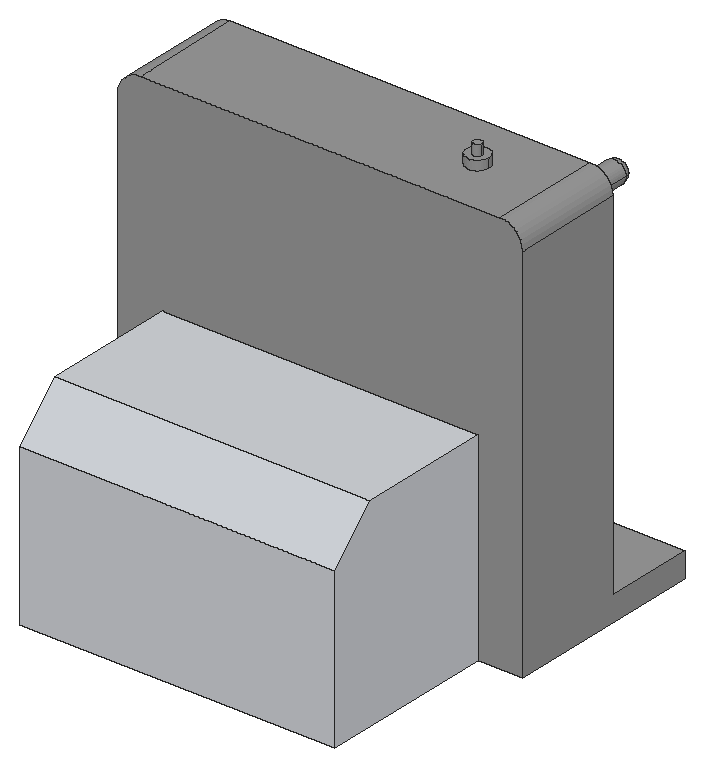
Revit family "Drinking_Fount-Willoughby-DF-1015-96-HC-FA", category Plumbing Fixtures, Revit 2015
Parameters (values of type "Standard")
  Waste DIA = 1 1/2"
  Waste Connection = yes
  Vent Connection = no
  URL = "https://www.willoughby-ind.com/wp-content/uploads/2018/01/DF-1015-96-HC-FA.pdf"
  Stainless Steel = Stainless Steel AISI 304-Willoughby
  Revision = "A"
  Model = "DF-1015-96-HC"
  Manufacturer = "Willoughby Industries"
  HW Connection = no
  Description = "Drinking Fountain"
  Default Elevation = 2' - 8 1/2"
  Contact Info. = "(800) 428-4065"
  CW inlet Diameter = 3/8"
  CW Connection = yes
Reference planes (in)
  plane 1 "Center (Front/Back)": y = 0
  plane 2: z = 0
  plane 3 "Center (Left/Right)": x = 0
  plane 4: y = 4
  plane 5: y = -32.5
Forms (in)
  Extrusion 1, solid, material "Stainless Steel AISI 304-Willoughby" <- "Stainless Steel", detail levels fine
    sketch origin (0, 0, 4.75) x (1, 0, 0) y (0, 0, 1)
      loop
        line (9, -4.75) -> (9, 12.25)
        arc (9, 12.25) -> (8.70711, 12.95711) -> (8, 13.25) r 1
        line (8, 13.25) -> (-8, 13.25)
        arc (-8, 13.25) -> (-8.70711, 12.95711) -> (-9, 12.25) r 1
        line (-9, 12.25) -> (-9, -4.75) -> (9, -4.75)
    from 0 to 5
  Extrusion 2, solid, material "Stainless Steel AISI 304-Willoughby" <- "Stainless Steel", detail levels fine
    sketch origin (0, 0, 0) x (1, 0, 0) y (0, 0, 1)
      loop
        line (9, 0) -> (9, 1.125) -> (-9, 1.125) -> (-9, 0) -> (9, 0)
    from 0 to -4
  Extrusion 3, solid, material "Stainless Steel AISI 304-Willoughby" <- "Stainless Steel", detail levels fine
    sketch origin (0.97227, 0, 5.72227) x (1, 0, 0) y (0, 0, 1)
      loop
        circle (7.02773, 11.27773) r 0.5
    from 0 to -1.75
  Extrusion 4, solid, material "Stainless Steel AISI 304-Willoughby" <- "Stainless Steel", detail levels fine
    sketch origin (0, 2, 0) x (1, 0, 0) y (0, 1, 0)
      loop
        circle (5, -4.5) r 0.5
    from 0 to 18.39906
  Sweep 5, void, detail levels fine
    path origin (0, 0, 0) x (1, 0, 0) y (0, 0, 1)
      loop
        arc (5.5, 6.5) -> (6.91421, 7.08579) -> (7.5, 8.5) r 2
        line (7.5, 8.5) -> (7.5, 14.5)
        arc (7.5, 14.5) -> (6.91421, 15.91421) -> (5.5, 16.5) r 2
        line (5.5, 16.5) -> (-5.5, 16.5)
        arc (-5.5, 16.5) -> (-6.91421, 15.91421) -> (-7.5, 14.5) r 2
        line (-7.5, 14.5) -> (-7.5, 8.5)
        arc (-7.5, 8.5) -> (-6.91421, 7.08579) -> (-5.5, 6.5) r 2
        line (-5.5, 6.5) -> (5.5, 6.5)
    profile origin (0, 0, 6.5) x (0, 0, -1) y (0, -1, 0)
      loop
        line (0, 0) -> (0, 0.5)
        arc (0, 0.5) -> (-0.14645, 0.85355) -> (-0.5, 1) r 0.5
        line (-0.5, 1) -> (-1.5, 1) -> (-1.5, 0) -> (0, 0)
  Extrusion 6, void
    sketch origin (0, 0, 0) x (1, 0, 0) y (0, 0, 1)
      loop
        line (6.13781, 7.88803) -> (6.13781, 15.13803) -> (-6.36219, 15.13803) -> (-6.36219, 7.88803) -> (6.13781, 7.88803)
    from 0 to 1
  Extrusion 7, solid, material "Stainless Steel AISI 304-Willoughby" <- "Stainless Steel", detail levels fine
    sketch origin (0, 2, 18.39906) x (1, 0, 0) y (0, 1, 0)
      loop
        circle (5, -4.5) r 0.1875
    from 0 to 0.4375
  Sweep 8, void
    path in 3D
      loop
        arc (8.5, 1.75, 17) -> (8, 1.75, 17.5) -> (7.5, 1.75, 17) r 0.5
        arc (7.5, 1.75, 17) -> (8, 1.75, 16.5) -> (8.5, 1.75, 17) r 0.5
    profile origin (8, 1.75, 16.5) x (0, 0, -1) y (0, 1, 0)
      loop
        line (0, 0) -> (-0.375, 0)
        arc (-0.375, 0) -> (-0.10983, -0.10983) -> (0, -0.375) r 0.375
        line (0, -0.375) -> (0, 0)
  Extrusion 9, solid
    sketch origin (0, 0, 0) x (0, 1, 0) y (0, 0, 1)
      loop
        line (-5, 9) -> (-11, 9) -> (-12.93198, 7.06802) -> (-12.93198, 0) -> (-5, 0) -> (-5, 9)
    from -7 to 7
  Extrusion 10, solid
    sketch origin (0, 0, 0) x (1, 0, 0) y (0, 1, 0)
      loop
        circle (0, -6) r 0.75
      loop
        circle (-3.75, -7.375) r 0.25
    from 0 to -0.0625
Cuts and joins
  Sweep 5, Extrusion 6, Sweep 8 cuts Extrusion 1
  Extrusion 6, Sweep 8 cuts Extrusion 2
  Extrusion 6, Sweep 8 cuts Extrusion 4
  joined: Extrusion 1, Extrusion 2, Extrusion 4
  Sweep 8 cuts Extrusion 3
Lines and regions (in)
  sketch lines
    curve 1: arc (7.5, 1.75, 17) -> (8, 1.75, 16.5) -> (8.5, 1.75, 17) r 0.5
    curve 2: arc (8.5, 1.75, 17) -> (8, 1.75, 17.5) -> (7.5, 1.75, 17) r 0.5
  model lines, detail levels coarse+medium
    curve 3: line (9, 0, 0) -> (9, 0, 17)
    curve 4: arc (-8, 0, 18) -> (-8.70711, 0, 17.70711) -> (-9, 0, 17) r 1
    curve 5: line (-9, 0, 17) -> (-9, 0, 0)
  symbolic lines
    curve 6: line (9, 0, 0) -> (9, 0, 17)
    curve 7: arc (9, 0, 17) -> (8.70711, 0, 17.70711) -> (8, 0, 18) r 1
    curve 8: line (8, 0, 18) -> (-8, 0, 18)
    curve 9: arc (-8, 0, 18) -> (-8.70711, 0, 17.70711) -> (-9, 0, 17) r 1
    curve 10: line (-9, 0, 17) -> (-9, 0, 0)
    curve 12: line (-9, 0, 0) -> (9, 0, 0)
    curve 26: line (-9, -5, 0) -> (-9, 4, 0)
    curve 27: line (-9, 4, 0) -> (9, 4, 0)
    curve 28: line (9, 4, 0) -> (9, -5, 0)
    curve 29: line (9, -5, 0) -> (-9, -5, 0)
    curve 30: line (-9, 0, 0) -> (9, 0, 0)
    curve 38: line (0, -5, 0) -> (0, 0, 0)
    curve 39: line (0, 0, 0) -> (0, 0, 18)
    curve 40: line (0, 0, 18) -> (0, -5, 18)
    curve 41: line (0, -5, 18) -> (0, -5, 0)
  symbolic lines, detail levels medium+fine
    curve 11: line (-9, 0, 1.125) -> (9, 0, 1.125)
    curve 42: line (0, 0, 0) -> (0, 4, 0)
    curve 43: line (0, 4, 0) -> (0, 4, 1.125)
    curve 44: line (0, 4, 1.125) -> (0, 0, 1.125)
  symbolic lines, detail levels fine
    curve 13: line (5.5, 0, 6.5) -> (-5.5, 0, 6.5)
    curve 14: line (-7.5, 0, 8.5) -> (-7.5, 0, 14.5)
    curve 15: line (-5.5, 0, 16.5) -> (5.5, 0, 16.5)
    curve 16: line (7.5, 0, 14.5) -> (7.5, 0, 8.5)
    curve 17: arc (7.5, 0, 14.5) -> (6.91421, 0, 15.91421) -> (5.5, 0, 16.5) r 2
    curve 18: arc (-5.5, 0, 16.5) -> (-6.91421, 0, 15.91421) -> (-7.5, 0, 14.5) r 2
    curve 19: arc (-7.5, 0, 8.5) -> (-6.91421, 0, 7.08579) -> (-5.5, 0, 6.5) r 2
    curve 20: arc (5.5, 0, 6.5) -> (6.91421, 0, 7.08579) -> (7.5, 0, 8.5) r 2
    curve 21: line (5.5, 0, 18) -> (5.5, 0, 18.39906)
    curve 22: line (4.5, 0, 18.39906) -> (4.5, 0, 18)
    curve 23: line (4.8125, 0, 18.83656) -> (4.8125, 0, 18.39906)
    curve 24: line (5.5, 0, 18.39906) -> (4.5, 0, 18.39906)
    curve 25: line (5.1875, 0, 18.83656) -> (4.8125, 0, 18.83656)
    curve 31: arc (4.5, -2.5, 0) -> (5, -3, 0) -> (5.5, -2.5, 0) r 0.5
    curve 32: arc (5.5, -2.5, 0) -> (5, -2, 0) -> (4.5, -2.5, 0) r 0.5
    curve 33: arc (5.25, -2.5, 0) -> (5, -2.25, 0) -> (4.75, -2.5, 0) r 0.25
    curve 34: arc (4.75, -2.5, 0) -> (5, -2.75, 0) -> (5.25, -2.5, 0) r 0.25
    curve 35: line (7.5, 0, 0) -> (7.5, 1.37947, 0)
    curve 36: line (8.5, 1.37947, 0) -> (8.5, 0, 0)
    curve 37: arc (7.5, 1.37947, 0) -> (8, 1.87947, 0) -> (8.5, 1.37947, 0) r 0.5
    curve 45: line (0, 0, 16.5) -> (0, 1.406, 16.5)
    curve 46: line (0, 1.406, 17.5) -> (0, 0, 17.5)
    curve 47: arc (0, 1.406, 17.5) -> (0, 1.77682, 17) -> (0, 1.406, 16.5) r 0.5225
    curve 48: line (0, -2, 18.39906) -> (0, -3, 18.39906)
    curve 49: line (0, -3, 18.39906) -> (0, -3, 18)
    curve 50: line (0, -2, 18.39906) -> (0, -2, 18)
    curve 51: line (0, -2.3125, 18.83656) -> (0, -2.6875, 18.83656)
    curve 52: line (0, -2.6875, 18.83656) -> (0, -2.6875, 18.39906)
    curve 53: line (0, -2.3125, 18.83656) -> (0, -2.3125, 18.39906)
    curve 54: line (5.1875, 0, 18.83656) -> (5.1875, 0, 18.39906)
  reference lines
    curve 55: line (-19.88835, -6, 0) -> (17.86165, -6, 0)
Dimensions and locks (in)
  Extrusion 1 sketch curve to Extrusion 1 sketch curve = 1' - 6"
  cut or joined group of Extrusion 1, Extrusion 2, Extrusion 4, Sweep 5, Extrusion 6, Sweep 8 to Extrusion 9 sketch curve = 0' - 7.93198"
  locked: plane 5 to plane 1 "Center (Front/Back)" at 32.5
  radius of Sweep 8 sketch curve = 0' - 0 3/8"
  aligned and locked: profile plane to Sweep 8 sketch curve  (x2)
  aligned and locked: curve 3 to cut or joined group of Extrusion 1, Extrusion 2, Extrusion 4, Sweep 5, Extrusion 6, Sweep 8
  aligned and locked: curve 4 to cut or joined group of Extrusion 1, Extrusion 2, Extrusion 4, Sweep 5, Extrusion 6, Sweep 8  (x2)
  aligned and locked: curve 5 to cut or joined group of Extrusion 1, Extrusion 2, Extrusion 4, Sweep 5, Extrusion 6, Sweep 8
  aligned and locked: cut or joined group of Extrusion 1, Extrusion 2, Extrusion 4, Sweep 5, Extrusion 6, Sweep 8 to cut or joined group of Extrusion 1, Extrusion 2, Extrusion 4, Sweep 5, Extrusion 6, Sweep 8
  aligned and locked: cut or joined group of Extrusion 1, Extrusion 2, Extrusion 4, Sweep 5, Extrusion 6, Sweep 8 to level
  aligned and locked: Extrusion 7 to cut or joined group of Extrusion 1, Extrusion 2, Extrusion 4, Sweep 5, Extrusion 6, Sweep 8
  aligned and locked: plane 4 to cut or joined group of Extrusion 1, Extrusion 2, Extrusion 4, Sweep 5, Extrusion 6, Sweep 8
  aligned and locked: cut or joined group of Extrusion 1, Extrusion 2, Extrusion 4, Sweep 5, Extrusion 6, Sweep 8 to curve 5
  aligned and locked: plane 1 "Center (Front/Back)" to Extrusion 3
  aligned and locked: curve 13 to cut or joined group of Extrusion 1, Extrusion 2, Extrusion 4, Sweep 5, Extrusion 6, Sweep 8
  aligned and locked: curve 15 to cut or joined group of Extrusion 1, Extrusion 2, Extrusion 4, Sweep 5, Extrusion 6, Sweep 8
  aligned and locked: curve 16 to cut or joined group of Extrusion 1, Extrusion 2, Extrusion 4, Sweep 5, Extrusion 6, Sweep 8
  aligned and locked: curve 24 to cut or joined group of Extrusion 1, Extrusion 2, Extrusion 4, Sweep 5, Extrusion 6, Sweep 8
  aligned and locked: curve 25 to Extrusion 7
  aligned and locked: Extrusion 1 to level
  aligned and locked: Extrusion 2 to level
  aligned and locked: plane 1 "Center (Front/Back)" to Extrusion 2
  aligned and locked: Extrusion 3 to cut or joined group of Extrusion 1, Extrusion 2, Extrusion 4, Sweep 5, Extrusion 6, Sweep 8
  aligned and locked: Extrusion 4 to Extrusion 7
  aligned and locked: Extrusion 4 to level
  aligned and locked: Extrusion 7 to curve 49
Connectors (in)
  piping at (5, -2.5, 0), diameter 0.375, driven by "CW Connection", driven by "CW inlet Diameter"
    settings: on cut or joined group of Extrusion 1, Extrusion 2, Extrusion 4, Sweep 5, Extrusion 6, Sweep 8, index 2, connector inside diameter 1/2", connector length 0' - 0", flow factor 0, pipe flow 0 GPM, pressure drop 0.00 psi, fitting loss kfactor 0, connector angle 0.00°, fixture units 0, engagement length 0' - 0", angle of deflection 0.00°, flow configuration 0, flow direction 1, fitting loss method 0, system type 20, joint type 0, gender type 0, connector reference index -1, connector utility 1, adjustable connector no, is connector primary no, connector description "Fountain CW Inlet"
  piping at (0, -6, 9), diameter 1.5
    settings: on Extrusion 9, index 3, connector inside diameter 24", connector length 0' - 0", flow factor 0, pipe flow 0 GPM, pressure drop 0.00 psi, fitting loss kfactor 0, connector angle 0.00°, fixture units 0, engagement length 0' - 0", angle of deflection 0.00°, flow configuration 0, flow direction 2, fitting loss method 0, system type 16, joint type 0, gender type 0, connector reference index -1, connector utility 0, adjustable connector no, is connector primary yes, connector description "1-1/2\" FIP WASTE"
  piping at (-3.25, -7.375, 0), diameter 0.5
    settings: index 4, connector inside diameter 24", connector length 0' - 0", flow factor 0, pipe flow 0 GPM, pressure drop 0.00 psi, fitting loss kfactor 0, connector angle 0.00°, fixture units 0, engagement length 0' - 0", angle of deflection 0.00°, flow configuration 0, flow direction 1, fitting loss method 0, system type 20, joint type 0, gender type 0, connector reference index -1, connector utility 0, adjustable connector no, is connector primary no, connector description "1/2\" SUPPLY"
